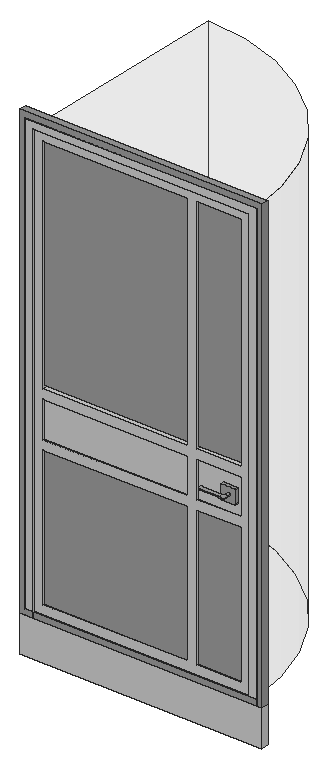
Revit family "AVLN_Дверь_Сетка", category Двери, Revit 2021
Family settings
  Основа = Стена
  Номер OmniClass = 23.30.10.00
  Заголовок OmniClass = Doors
  Всегда вертикально = Да
  При загрузке вырезать с полостями = Нет
  Общий = Нет
  Точка принадлежности помещению = Нет
Parameters (values of type "Для копирования!")
  х1 = if(Левая, (Width - 250 mm - Рама_полотно * 3 - Коробка толщина * 2 - Монтажный зазор_Верх * 2), 250 mm)  # 250 mm
  Ширина полотна [instance] = Width - Монтажный зазор_Верх * 2 - Коробка толщина * 2  # 1200 mm
  Тонкая линия проема = yes
  Толщина = 30 mm  # constant formula
  Стекло.Толщина = 15 mm
  Стекло = not([Глухая/Остекленная])  # yes
  Смещение проема [instance] = 200 mm
  Смещение внутрь = 0 mm
  С1 [instance] = if(Смещение проема = 0 mm, 1 mm, 0 mm)  # 0 mm
  Ручка смещение = 110 mm  # constant formula
  Ручка высота = 1000 mm  # constant formula
  Рама_полотно = 50 mm  # constant formula
  Рабочая зона = no
  Rough Width = Width - Монтажный зазор_Верх * 2  # 1280 mm
  Rough Height = Height - Монтажный зазор_Верх  # 2470 mm
  Правая = yes
  Порог_наружный_смещение [instance] = 50 mm
  Порог_внутренний_смещение [instance] = 50 mm
  Порог_внуренний [instance] = no
  Порог [instance] = no
  Определить тепловые свойства по = Тип схем
  Описание = "Индивидуальный дверной блок (лестница) стальной однопольный, с пониженым порогом, с уплотнителем, с доводчиком, с нажимными ручками. Без замка, с ограничителем. Ширина проема в свету не менее 900 мм. Цвет: см. Дизайн-проект."
  Окрывание 30° = yes
  Fire Rating = ""
  Монтажный зазор_Справа = 30 mm
  Монтажный зазор_Слева = 30 mm
  Монтажный зазор_Низ = 30 mm
  Монтажный зазор сверху [instance] = if(Смещение проема = 0 mm, Монтажный зазор_Верх - 1 mm, Монтажный зазор_Верх)  # 30 mm
  Монтажный зазор_Верх = 30 mm
  Матиал_Коробка = Сталь
  Материал_Сетка = Сетка
  Материал_Рабочая зона = none
  Материал_Полотно = Сталь
  Материал_Монтажный зазор = Монтажный зазор
  Материал_Дверной ручки = По умолчанию
  Левая = not(Правая)  # no
  Коробка.Профиль = 1 mm  # constant formula
  Коробка толщина = 40 mm  # constant formula
  Комментарии к типоразмеру = "Двери внутренние"
  Заполнение под проемом_Видимость [instance] = if(Смещение проема = 0 mm, 1 = 0, 1 = 1)  # yes
  Функция = Внутренние слои
  Группа модели = "Дверь"
  Глухая/Остекленная = no
  Глухая = [Глухая/Остекленная]  # no
  Height = 2500 mm
  Замыкание стены = По основе
  Width = 1340 mm
  Аналитическая конструкция = "<Нет>"
  АВЛН_Проем_Высота [instance] = if(Смещение проема = 0 mm, Height - 1 mm, Height)  # 2500 mm
  ADSK_Размер_Ширина [instance] = Width  # 1340 mm
  ADSK_Размер_Высота [instance] = Height + Смещение проема  # 2700 mm
  ADSK_Примечание [instance] = ""
  ADSK_Позиция [instance] = ""
  ADSK_Обозначение = "ГОСТ 31173-2016"
  ADSK_Наименование = "ДСВ Оп 2090-1100 Прг Л Н П2лс"
  ADSK_Масса = 0
  ADSK_Марка [instance] = "ДВ-21Л"
  ADSK_Количество [instance] = 1
  ADSK_Единица измерения [instance] = "шт."
  2 = Монтажный зазор_Верх * 2 + 100 mm  # 160 mm
Reference planes
  plane 1: y = 0
  plane 2 "По центру (Влево/Вправо)": x = 0
  plane 3 "Слева": x = -670
  plane 4 "Справа": x = 670
  plane 5: z = 2500
  plane 6 "Наружный": y = 150
  plane 7 "Внутренние": y = -150
  plane 8: z = -200
  plane 9: x = -640
  plane 10: x = 640
  plane 11: x = 600
  plane 12: x = -600
  plane 13: z = 2470
  plane 14: z = 2430
  plane 15 "Полотно_Н": y = 150
  plane 16 "Полотно_В": y = 120
  plane 17: z = -200
  plane 18: x = -490
  plane 19: x = 490
  plane 20: z = 1000
  plane 21: z = 1250
  plane 22 "Короб_В": y = 110
  plane 23: x = -599
  plane 24: x = 599
  plane 25: z = 2429
  plane 26: y = 1490
  plane 27: x = 550
  plane 28: z = 2380
  plane 29: x = -550
  plane 30: y = 135
  plane 31: y = 142.5
  plane 32: y = 127.5
  plane 33: y = 200
  plane 34: y = -200
  plane 35: z = -200
  plane 36 "Решетка_Смещение_Низ": z = 80
  plane 37 "Решетка_Смещение_Верх": z = 2172.293
  plane 38: y = 1330
  plane 39: x = 300
  plane 40: x = 250
  plane 41 "Короб_Г": z = 30
  plane 42 "Короб_Д": z = 0
Forms (mm)
  Extrusion 1, solid, material "Сталь" <- "Материал_Полотно", visible <- "Стекло", detail levels fine
    sketch origin (0, 150, 0) x (1, 0, 0) y (0, 0, 1)
      loop
        line (600, 2430) -> (-600, 2430) -> (-600, 30) -> (600, 30) -> (600, 2430)
      loop
        line (550, 2380) -> (300, 2380) -> (300, 1150) -> (550, 1150) -> (550, 2380)
      loop
        line (250, 1150) -> (250, 2380) -> (-550, 2380) -> (-550, 1150) -> (250, 1150)
      loop
        line (250, 850) -> (-550, 850) -> (-550, 80) -> (250, 80) -> (250, 850)
      loop
        line (550, 850) -> (300, 850) -> (300, 80) -> (550, 80) -> (550, 850)
      loop
        line (300, 1100) -> (300, 900) -> (550, 900) -> (550, 1100) -> (300, 1100)
      loop
        line (250, 1100) -> (-550, 1100) -> (-550, 900) -> (250, 900) -> (250, 1100)
    from 0 to 30
  Extrusion 2, solid, material "Сталь" <- "Матиал_Коробка", visible <- "Заполнение под проемом_Видимость", detail levels fine
    sketch origin (0, 150, 0) x (1, 0, 0) y (0, 0, 1)
      loop
        line (670, 0) -> (-670, 0) -> (-670, -200) -> (670, -200) -> (670, 0)
    from 0 to 40
  Extrusion 3, solid, material "Монтажный зазор" <- "Материал_Монтажный зазор"
    sketch origin (0, -150, 0) x (1, 0, 0) y (0, 0, 1)
      loop
        line (-640, 30) -> (640, 30) -> (640, 2470) -> (-640, 2470) -> (-640, 30)
      loop
        line (670, 0) -> (670, 2500) -> (-670, 2500) -> (-670, 0) -> (670, 0)
    from -300 to -260
  Sweep 4, solid, material "Сталь" <- "Матиал_Коробка"
    path origin (0, 150, 0) x (-1, 0, 0) y (0, 0, 1)
      loop
        line (600, 0) -> (600, 2430) -> (-600, 2430) -> (-600, 0)
    profile origin (-600, 150, 1215) x (0, 1, 0) y (-1, 0, 0)
      loop
        line (0, 40) -> (-40, 40) -> (-40, -1) -> (-30, -1) -> (-30, 0) -> (0, 0) -> (0, 40)
  Extrusion 5, void
    sketch origin (0, 0, 0) x (1, 0, 0) y (0, 1, 0)
      loop
        line (-670, 1490) -> (-670, 150) -> (670, 150) -> (670, 1490) -> (-670, 1490)
    from -200 to 2500
  Extrusion 6, solid, material "Сетка" <- "Материал_Сетка", visible <- "Стекло", detail levels fine
    sketch origin (0, 150, 0) x (1, 0, 0) y (0, 0, 1)
      loop
        line (550, 2380) -> (300, 2380) -> (300, 1165) -> (550, 1165) -> (550, 2380)
      loop
        line (-550, 2380) -> (-550, 1165) -> (250, 1165) -> (250, 2380) -> (-550, 2380)
      loop
        line (550, 80) -> (550, 850) -> (300, 850) -> (300, 80) -> (550, 80)
      loop
        line (250, 80) -> (250, 850) -> (-550, 850) -> (-550, 80) -> (250, 80)
    from 7.5 to 22.5
  Extrusion 7, solid, material "Сталь" <- "Материал_Полотно", visible <- "Глухая"
    sketch origin (0, 150, 0) x (1, 0, 0) y (0, 0, 1)
      loop
        line (600, 2430) -> (-600, 2430) -> (-600, 30) -> (600, 30) -> (600, 2430)
    from 0 to 30
  Extrusion 8, solid, material "Зоны открывания", visible <- "Правая"
    sketch origin (1436.722, 564.195, 0) x (1, 0, 0) y (0, 1, 0)
      loop
        line (-2036.722, -414.195) -> (-836.722, -414.195)
        arc (-836.722, -414.195) -> (-1205.944, 410.495) -> (-2036.722, 765.805) r 1240.234
        line (-2036.722, 765.805) -> (-2036.722, -414.195)
    from 0 to 2430
  Extrusion 9, solid, material "Зоны открывания", visible <- "Левая"
    sketch origin (-1436.722, 564.195, 0) x (-1, 0, 0) y (0, -1, 0)
      loop
        line (-2035.722, 414.195) -> (-2035.722, -765.805)
        arc (-2035.722, -765.805) -> (-1200.025, -415.806) -> (-836.722, 414.195) r 1218.902
        line (-836.722, 414.195) -> (-2035.722, 414.195)
    from 0 to 2430
  Extrusion 10, solid, material "Сталь" <- "Материал_Полотно", visible <- "Стекло", detail levels fine
    sketch origin (0, 150, -250) x (1, 0, 0) y (0, 0, 1)
      loop
        line (550, 1350) -> (300, 1350) -> (300, 1150) -> (550, 1150) -> (550, 1350)
      loop
        line (-550, 1350) -> (-550, 1150) -> (250, 1150) -> (250, 1350) -> (-550, 1350)
    from 7.5 to 22.5
Lines and regions (mm)
  Opening 1
    outline origin (-3050, -150, 0) x (1, 0, 0) y (0, 0, 1)
      loop
        line (2380, -200) -> (3720, -200) -> (3720, 2500) -> (2380, 2500) -> (2380, -200)
  Masking region 1, visible <- "Тонкая линия проема"
    outline origin (95.796, -283.072, 0) x (1, 0, 0) y (0, 1, 0)
      loop
        line (-739.745, 443.072) -> (-765.796, 433.072) -> (-765.796, 133.072) -> (-765.796, 123.072) -> (574.204, 123.072) -> (574.204, 133.072) -> (574.204, 433.072) -> (546.729, 443.072) -> (-739.745, 443.072)
  model lines, style "Открывание_Внутрь", visible <- "Левая"
    curve 1: line (599, 120, 2429) -> (-599, 120, 1250)
    curve 2: line (-599, 120, 1250) -> (599, 120, 0)
  model lines, style "Открывание_Внутрь", visible <- "Правая"
    curve 3: line (-599, 120, 0) -> (599, 120, 1250)
    curve 4: line (599, 120, 1250) -> (-599, 120, 2429)
  model lines, style "Открывание_Наружу", visible <- "Правая"
    curve 5: line (-600, 150, 0) -> (599, 150, 1250)
    curve 6: line (599, 150, 1250) -> (-600, 150, 2430)
  model lines, style "Открывание_Наружу", visible <- "Левая"
    curve 7: line (600, 150, 2430) -> (-599, 150, 1250)
    curve 8: line (-599, 150, 1250) -> (600, 150, 0)
  model lines, style "Рабочая зона", visible <- "Рабочая зона"
    curve 9: line (-670, 150, 0) -> (-670, 1490, 0)
    curve 10: line (-670, 1490, 0) -> (670, 1490, 0)
    curve 11: line (670, 150, 0) -> (670, 1490, 0)
  symbolic lines, style "Порог", visible <- "Порог_внуренний"
    curve 12: line (-670, -200, 0) -> (670, -200, 0)
  symbolic lines, style "Порог", visible <- "Порог"
    curve 13: line (-670, 200, 0) -> (670, 200, 0)
Text (mm)
  text "Наружный" at (-2295.016, 1099.543, 0), in view "Опорный уровень"
  text "Наружный" at (0, 1615.38, 3698.081), in view "Слева"
  text "Наружный" at (0, 1036.032, 3874.932), in view "Справа"
Dimensions and locks
  equal spacing: plane 3 "Слева", plane 2 "По центру (Влево/Вправо)", plane 4 "Справа"
  "Width": plane 3 "Слева" to plane 4 "Справа"
  plane 41 "Короб_Г" to Sweep 4 = 2440 mm
  host wall to plane 5 = 2964.966 mm
  locked: plane 6 "Наружный" to host wall
  locked: plane 7 "Внутренние" to host wall
  plane 8 to level = 200 mm
  "АВЛН_Проем_Высота": level to plane 5
  "Монтажный зазор_Слева": plane 3 "Слева" to plane 9
  "Монтажный зазор_Справа": plane 10 to plane 4 "Справа"
  "Смещение внутрь": plane 15 "Полотно_Н" to plane 6 "Наружный"
  "Толщина": plane 15 "Полотно_Н" to plane 16 "Полотно_В"
  "Смещение проема": level to plane 17
  "Монтажный зазор сверху": plane 13 to plane 5
  "Коробка толщина": plane 14 to plane 13
  "Коробка толщина": plane 12 to plane 9
  "Коробка толщина": plane 11 to plane 10
  "Смещение проема": level to plane 8
  "Ручка высота": level to plane 20
  "Ручка смещение": plane 12 to plane 18
  "Ручка смещение": plane 19 to plane 11
  equal spacing: level, plane 21, plane 5
  equal spacing: plane 7 "Внутренние", plane 1, plane 6 "Наружный"
  "Коробка толщина": plane 15 "Полотно_Н" to plane 22 "Короб_В"
  "Коробка.Профиль": plane 12 to plane 23
  "Коробка.Профиль": plane 24 to plane 11
  "Коробка.Профиль": plane 14 to plane 25
  "Width": plane 26 to plane 15 "Полотно_Н"
  equal spacing: plane 15 "Полотно_Н", plane 30, plane 16 "Полотно_В"
  equal spacing: plane 32, plane 30, plane 31
  "Стекло.Толщина": plane 32 to plane 31
  "Порог_наружный_смещение": plane 6 "Наружный" to plane 33
  "Порог_внутренний_смещение": plane 34 to plane 7 "Внутренние"
  "С1": plane 8 to plane 35
  "Рама_полотно": plane 36 "Решетка_Смещение_Низ" to plane 41 "Короб_Г"
  "2": plane 26 to plane 38
  level to plane 14 = 2430 mm
  "Рама_полотно": plane 28 to plane 14
  "Рама_полотно": plane 27 to plane 11
  "Рама_полотно": plane 29 to plane 12
  "Рама_полотно": plane 40 to plane 39
  "х1": plane 39 to plane 27
  plane 29 to plane 40 = 800 mm
  plane 12 to plane 11 = 1200 mm
  Extrusion 1 to Extrusion 1 = 1100 mm
  plane 9 to plane 3 "Слева" = 30 mm
  plane 4 "Справа" to plane 10 = 30 mm
  "Монтажный зазор_Низ": plane 41 "Короб_Г" to Extrusion 3 sketch curve
  aligned and locked: plane 3 "Слева" to Opening 1 sketch curve
  aligned and locked: Opening 1 sketch curve to plane 4 "Справа"
  aligned and locked: plane 1 to host wall
  aligned and locked: Extrusion 1 to plane 16 "Полотно_В"
  aligned and locked: plane 15 "Полотно_Н" to Extrusion 1
  aligned and locked: level to Extrusion 2 sketch curve
  aligned and locked: Extrusion 2 sketch curve to plane 4 "Справа"
  aligned and locked: Extrusion 2 sketch curve to host wall
  aligned and locked: nested 1 to plane 16 "Полотно_В"
  aligned and locked: nested 2 to plane 15 "Полотно_Н"
  aligned and locked: plane 15 "Полотно_Н" to nested 4
  aligned and locked: plane 16 "Полотно_В" to nested 3
  aligned and locked: plane 5 to Opening 1 sketch curve
  aligned and locked: plane 14 to Extrusion 1 sketch curve
  aligned and locked: Extrusion 3 sketch curve to plane 4 "Справа"
  aligned and locked: Extrusion 3 sketch curve to plane 10
  aligned and locked: Extrusion 3 sketch curve to plane 5
  aligned and locked: Extrusion 3 sketch curve to plane 13
  aligned and locked: plane 3 "Слева" to Extrusion 3 sketch curve
  aligned and locked: plane 9 to Extrusion 3 sketch curve
  aligned and locked: nested 2 to plane 20
  aligned and locked: plane 20 to nested 4
  aligned and locked: plane 20 to nested 1
  aligned and locked: nested 3 to plane 20
  aligned and locked: plane 19 to nested 4
  aligned and locked: plane 18 to nested 2
  aligned and locked: nested 3 to plane 19
  aligned and locked: nested 1 to plane 18
  aligned and locked: nested 5 to plane 4 "Справа"
  aligned and locked: nested 5 to plane 3 "Слева"
  aligned and locked: nested 5 to plane 15 "Полотно_Н"
  aligned and locked: nested 6 to plane 3 "Слева"
  aligned and locked: nested 6 to plane 4 "Справа"
  aligned and locked: plane 15 "Полотно_Н" to nested 6
  aligned and locked: Extrusion 3 to plane 22 "Короб_В"
  aligned and locked: plane 15 "Полотно_Н" to Extrusion 3
  aligned and locked: plane 11 to Sweep 4 sketch curve
  aligned and locked: plane 14 to Sweep 4 sketch curve
  aligned and locked: plane 12 to Sweep 4 sketch curve  (x2)
  aligned and locked: plane 15 "Полотно_Н" to Sweep 4 sketch curve
  aligned and locked: plane 9 to Sweep 4 sketch curve
  aligned and locked: plane 23 to Sweep 4 sketch curve
  aligned and locked: plane 22 "Короб_В" to Sweep 4 sketch curve
  aligned and locked: plane 16 "Полотно_В" to Sweep 4 sketch curve
  aligned and locked: level to Sweep 4 sketch curve  (x2)
  aligned and locked: plane 23 to curve 4
  aligned and locked: plane 25 to curve 4
  aligned and locked: plane 25 to curve 1
  aligned and locked: plane 24 to curve 1
  aligned and locked: plane 23 to curve 1
  aligned and locked: plane 21 to curve 2
  aligned and locked: plane 24 to curve 4
  aligned and locked: plane 21 to curve 3
  aligned and locked: Sweep 4 to curve 3
  aligned and locked: level to curve 3
  aligned and locked: Sweep 4 to curve 2
  aligned and locked: level to curve 2
  aligned and locked: curve 9 to plane 3 "Слева"
  aligned and locked: curve 10 to plane 26
  aligned and locked: curve 11 to plane 4 "Справа"
  aligned and locked: plane 15 "Полотно_Н" to curve 9
  aligned and locked: plane 15 "Полотно_Н" to curve 11
  aligned and locked: Extrusion 5 sketch curve to plane 26
  aligned and locked: Extrusion 5 sketch curve to plane 3 "Слева"
  aligned and locked: Extrusion 5 sketch curve to plane 15 "Полотно_Н"
  aligned and locked: Extrusion 5 sketch curve to plane 4 "Справа"
  aligned and locked: Extrusion 5 to plane 5
  aligned and locked: plane 32 to Extrusion 6
  aligned and locked: plane 31 to Extrusion 6
  aligned and locked: plane 11 to Extrusion 7 sketch curve
  aligned and locked: plane 14 to Extrusion 7 sketch curve
  aligned and locked: plane 12 to Extrusion 7 sketch curve
  aligned and locked: plane 15 "Полотно_Н" to Extrusion 7
  aligned and locked: Extrusion 7 to plane 16 "Полотно_В"
  aligned and locked: curve 6 to curve 4
  aligned and locked: curve 8 to curve 2
  aligned and locked: Masking region 1 sketch curve to curve 9
  aligned and locked: Extrusion 1 to Masking region 1 sketch curve
  aligned and locked: plane 6 "Наружный" to Masking region 1 sketch curve
  aligned and locked: host wall to Masking region 1 sketch curve  (x2)
  aligned and locked: plane 3 "Слева" to Masking region 1
  aligned and locked: Masking region 1 to plane 4 "Справа"
  aligned and locked: plane 3 "Слева" to curve 13
  aligned and locked: plane 4 "Справа" to curve 13
  aligned and locked: curve 13 to plane 33
  aligned and locked: curve 12 to plane 34
  aligned and locked: Extrusion 2 to plane 35
  aligned and locked: Extrusion 5 to plane 8
  aligned and locked: Opening 1 sketch curve to plane 35
  aligned and locked: Extrusion 8 sketch curve to plane 12
  aligned and locked: plane 6 "Наружный" to Extrusion 8 sketch curve
  aligned and locked: plane 11 to Extrusion 8 sketch curve
  aligned and locked: plane 38 to Extrusion 8 sketch curve
  aligned and locked: Extrusion 8 to level
  aligned and locked: plane 14 to Extrusion 8
  aligned and locked: Extrusion 9 sketch curve to plane 24
  aligned and locked: Extrusion 2 to Extrusion 9 sketch curve
  aligned and locked: plane 12 to Extrusion 9 sketch curve
  aligned and locked: plane 38 to Extrusion 9 sketch curve
  aligned and locked: Extrusion 9 to Extrusion 8
  aligned and locked: Extrusion 9 to level
  aligned and locked: Extrusion 1 sketch curve to plane 28
  aligned and locked: plane 28 to Extrusion 1 sketch curve
  aligned and locked: Extrusion 1 sketch curve to plane 29  (x2)
  aligned and locked: plane 29 to Extrusion 1 sketch curve
  aligned and locked: Extrusion 1 sketch curve to plane 27  (x2)
  aligned and locked: plane 36 "Решетка_Смещение_Низ" to Extrusion 1 sketch curve  (x2)
  aligned and locked: Extrusion 6 sketch curve to plane 28  (x2)
  aligned and locked: Extrusion 6 sketch curve to plane 36 "Решетка_Смещение_Низ"  (x2)
  aligned and locked: plane 27 to Extrusion 6 sketch curve
  aligned and locked: Extrusion 6 sketch curve to plane 27
  aligned and locked: plane 29 to Extrusion 6 sketch curve  (x2)
  aligned and locked: plane 27 to Extrusion 1 sketch curve
  aligned and locked: Extrusion 1 sketch curve to plane 40  (x3)
  aligned and locked: Extrusion 1 sketch curve to plane 39  (x2)
  aligned and locked: plane 39 to Extrusion 1 sketch curve
  aligned and locked: plane 40 to Extrusion 6 sketch curve
  aligned and locked: Extrusion 6 sketch curve to plane 40
  aligned and locked: plane 27 to Extrusion 10 sketch curve
  aligned and locked: plane 39 to Extrusion 10 sketch curve
  aligned and locked: plane 40 to Extrusion 10 sketch curve
  aligned and locked: plane 29 to Extrusion 10 sketch curve
  aligned and locked: plane 39 to Extrusion 6 sketch curve
  aligned and locked: Extrusion 6 sketch curve to plane 39
  aligned and locked: Extrusion 6 to Extrusion 10
  aligned and locked: plane 31 to Extrusion 10
  aligned and locked: plane 32 to Extrusion 10
  aligned and locked: plane 41 "Короб_Г" to Extrusion 3 sketch curve
  aligned and locked: plane 41 "Короб_Г" to Extrusion 7 sketch curve
  aligned and locked: Extrusion 1 to plane 41 "Короб_Г"
Automatic sketch dimensions
  plane 12 to Extrusion 1 sketch curve = 0 mm
  level to Extrusion 1 sketch curve = 30 mm
  plane 11 to Extrusion 1 sketch curve = 0 mm
  Extrusion 1 sketch curve to plane 20 = 150 mm  (x2)
  Extrusion 1 sketch curve to Extrusion 1 sketch curve = 50 mm  (x3)
  Extrusion 1 sketch curve to Extrusion 1 sketch curve = 0 mm  (x2)
  Extrusion 2 sketch curve to plane 8 = 0 mm
  curve 12 to plane 3 "Слева" = 0 mm
  curve 12 to plane 4 "Справа" = 0 mm
  plane 11 to curve 7 = 0 mm
  curve 8 to level = 0 mm
  plane 11 to curve 8 = 0 mm
  curve 6 to plane 21 = 0 mm
  curve 7 to plane 21 = 0 mm
  plane 12 to curve 6 = 0 mm
  curve 5 to level = 0 mm
  plane 12 to curve 5 = 0 mm
  curve 7 to plane 14 = 0 mm
  curve 6 to plane 14 = 0 mm
  Extrusion 6 sketch curve to plane 20 = 150 mm
  Extrusion 6 sketch curve to Extrusion 6 sketch curve = 0 mm  (x2)
  Masking region 1 sketch curve to plane 4 "Справа" = 0 mm
  Masking region 1 sketch curve to plane 9 = 3.949 mm
  plane 10 to Masking region 1 sketch curve = 2.525 mm
  host wall to Masking region 1 sketch curve = 10 mm  (x2)
  plane 9 to Extrusion 8 sketch curve = 1.2 mm
  plane 22 "Короб_В" to Extrusion 9 sketch curve = 1.25 mm
  Extrusion 10 sketch curve to plane 20 = 100 mm
  Extrusion 10 sketch curve to Extrusion 10 sketch curve = 0 mm  (x2)
  Extrusion 10 sketch curve to plane 37 "Решетка_Смещение_Верх" = 1072.293 mm
  plane 20 to Extrusion 1 sketch curve = 100 mm
  Extrusion 6 sketch curve to plane 21 = 85 mm
Nested families
  nested 1: "Дв_Дверная ручка_Квадрат" at (-490, 120, -40), visible <- "Левая", type "Дв_Дверная ручка_Квадрат", detail levels fine
  nested 2: "Дв_Дверная ручка_Квадрат" at (-490, 150, -40), visible <- "Левая", type "Дв_Дверная ручка_Квадрат", detail levels fine
  nested 3: "Дв_Дверная ручка_Квадрат" at (490, 120, -40) x (-1, 0, 0) z (0, 0, 1), visible <- "Правая", type "Дв_Дверная ручка_Квадрат", detail levels fine
  nested 4: "Дв_Дверная ручка_Квадрат" at (490, 150, -40) x (-1, 0, 0) z (0, 0, 1), visible <- "Правая", type "Дв_Дверная ручка_Квадрат", detail levels fine
  nested 5: "АС-Однопольная-Обозначение на плане" at (0, 150, -200), Width <- "Width", Толщина <- "Толщина", Коробка.Толщина <- "Коробка толщина", Height <- "Rough Height", Полотно.Ширина <- "Ширина полотна", Rough Width <- "Rough Width", visible <- "Левая", Коробка.Ширина <- "Коробка.Профиль", type "АС-Стандарт"
    with Width 1340 mm, Толщина 30 mm, Rough Width 1280 mm, Полотно.Ширина 1200 mm, Коробка.Ширина 1 mm, Коробка.Толщина 40 mm, Height 2470 mm
  nested 6: "АС-Однопольная-Обозначение на плане" at (0, 150, -200) x (-1, 0, 0) z (0, 0, 1), Width <- "Width", Толщина <- "Толщина", Коробка.Толщина <- "Коробка толщина", Height <- "Rough Height", Полотно.Ширина <- "Ширина полотна", Rough Width <- "Rough Width", visible <- "Правая", Коробка.Ширина <- "Коробка.Профиль", type "АС-Стандарт"
    with Width 1340 mm, Толщина 30 mm, Rough Width 1280 mm, Полотно.Ширина 1200 mm, Коробка.Ширина 1 mm, Коробка.Толщина 40 mm, Height 2470 mm
Definition of nested family "Дв_Дверная ручка_Квадрат"
  Parameters (values of type "Дв_Дверная ручка_Квадрат")
    Define Thermal Properties by = 1
    Материал дверной ручки = none
    Высота расположения дверной ручки [instance] = 1040 mm
    Analytic Construction = "<Нет>"
  Reference planes
    plane 1 "По центру (Вперед/Назад)": y = 0
    plane 2: z = 0
    plane 3 "По центру (Влево/Вправо)": x = 0
    plane 4: z = 1040
    plane 5: x = -41.434
    plane 6: x = 41.434
    plane 7: z = 1080
    plane 8: z = 1000
    plane 9: y = -15
  Forms (mm)
    Extrusion 1, solid, material <- "Материал дверной ручки"
      sketch origin (0, 0, 0) x (1, 0, 0) y (0, 0, 1)
        loop
          arc (-36.434, 1080) -> (-39.969, 1078.536) -> (-41.434, 1075) r 5
          line (-41.434, 1075) -> (-41.434, 1005)
          arc (-41.434, 1005) -> (-39.969, 1001.464) -> (-36.434, 1000) r 5
          line (-36.434, 1000) -> (36.434, 1000)
          arc (36.434, 1000) -> (39.969, 1001.464) -> (41.434, 1005) r 5
          line (41.434, 1005) -> (41.434, 1075)
          arc (41.434, 1075) -> (39.969, 1078.536) -> (36.434, 1080) r 5
          line (36.434, 1080) -> (-36.434, 1080)
      from 0 to 15
    Sweep 2, solid, material <- "Материал дверной ручки"
      path origin (0, 0, 0) x (1, 0, 0) y (0, 1, 0)
        loop
          line (0, -15) -> (0, -38.261)
          arc (0, -38.261) -> (2.929, -45.332) -> (10, -48.261) r 10
          line (10, -48.261) -> (130, -48.261)
      profile origin (0, -26.63, 0) x (1, 0, 0) y (0, 0, 1)
        loop
          circle (0, 1040) r 8
  Dimensions and locks
    "Высота расположения дверной ручки": plane 4 to level
    plane 7 to plane 8 = 80 mm
    plane 6 to plane 5 = 82.868 mm
    equal spacing: plane 6, plane 3 "По центру (Влево/Вправо)", plane 5
    locked: plane 1 "По центру (Вперед/Назад)" to plane 9 at 15
    aligned and locked: level to plane 2
    aligned and locked: Extrusion 1 sketch curve to plane 7
    aligned and locked: plane 5 to Extrusion 1 sketch curve
    aligned and locked: plane 8 to Extrusion 1 sketch curve
    aligned and locked: Extrusion 1 sketch curve to plane 6
    aligned and locked: Extrusion 1 to plane 1 "По центру (Вперед/Назад)"
    aligned and locked: plane 4 to Sweep 2
  Automatic sketch dimensions
    Sweep 2 sketch curve to plane 3 "По центру (Влево/Вправо)" = 0 mm
    plane 9 to Sweep 2 sketch curve = 0 mm
    Sweep 2 sketch curve to Sweep 2 sketch curve = 10 mm
    Sweep 2 sketch curve to Sweep 2 sketch curve = 23.261 mm
    Sweep 2 sketch curve to Sweep 2 sketch curve = 120 mm
    profile plane to Sweep 2 sketch curve = 0 mm
    level to Sweep 2 sketch curve = 1040 mm
    Extrusion 1 sketch curve to Extrusion 1 sketch curve = 5 mm  (x3)
    plane 5 to Extrusion 1 sketch curve = 5 mm
    radius of Sweep 2 sketch curve = 8 mm
Definition of nested family "АС-Однопольная-Обозначение на плане"
  Parameters (values of type "АС-Стандарт")
    Полотно.Ширина [instance] = 900 mm
    Открывание двери 90 = not(Открывание двери 30)  # no
    Открывание двери 30 = yes
    Линия открывания (дуга) = not(Открывание двери 30)  # no
    Коробка.Ширина [instance] = 40 mm
    Коробка.Толщина [instance] = 80 mm
    Width [instance] = 1000 mm
    Thickness [instance] = 40 mm
    Rough Width [instance] = 960 mm
    Height [instance] = 2100 mm
    Default Elevation = 0 mm
    Analytic Construction = "<Нет>"
  Reference planes
    plane 1 "Center (Front/Back)": y = 0
    plane 2: z = 0
    plane 3 "Center (Left/Right)": x = 0
    plane 4 "Полотно.Слева": x = -480
    plane 5 "Полотно справа": x = 480
    plane 6 "Проем.Слева": x = -500
    plane 7 "Проем.Справа": x = 500
    plane 8 "Полотно. Внутренняя сторона": y = -40
    plane 9 "Коробка. Внутренняя сторона": y = -80
    plane 10 "Коробка.Внутренняя сторона слева": x = -450
    plane 11 "Коробка. Внутренняя сторона справа": x = 450
    plane 12 "2": x = -410
    plane 13 "3": x = 410
  Lines and regions (mm)
    Masking region 1, detail levels fine
      outline origin (0, 0, 0) x (1, 0, 0) y (0, 1, 0)
        loop
          line (-500, -80) -> (-480, -80) -> (-480, 0) -> (-500, 0) -> (-500, -80)
    Masking region 2, detail levels fine
      outline origin (0, 0, 0) x (1, 0, 0) y (0, 1, 0)
        loop
          line (500, -80) -> (500, 0) -> (480, 0) -> (480, -80) -> (500, -80)
    Masking region 3, detail levels fine
      outline origin (0, 0, 0) x (1, 0, 0) y (0, 1, 0)
        loop
          line (-480, 0) -> (-480, -80) -> (-410, -80) -> (-410, -40) -> (-450, -40) -> (-450, 0) -> (-480, 0)
    Masking region 4, detail levels fine
      outline origin (0, 0, 0) x (1, 0, 0) y (0, 1, 0)
        loop
          line (480, 0) -> (450, 0) -> (450, -40) -> (410, -40) -> (410, -80) -> (480, -80) -> (480, 0)
    Masking region 5, visible <- "Открывание двери 90", detail levels fine
      outline origin (0, 0, 0) x (1, 0, 0) y (0, 1, 0)
        loop
          line (450, 0) -> (450, 900) -> (410, 900) -> (410, 0) -> (450, 0)
    Masking region 6, visible <- "Открывание двери 30", detail levels fine
      outline origin (0, 0, 0) x (1, 0, 0) y (0, 1, 0)
        loop
          line (450, 0) -> (-329.423, 450) -> (-349.423, 415.359) -> (430, -34.641) -> (450, 0)
    symbolic lines, visible <- "Открывание двери 30", detail levels coarse+medium
      curve 1: line (500, 0, 0) -> (-366.025, 500, 0)
    symbolic lines, visible <- "Открывание двери 90", detail levels coarse+medium
      curve 2: line (500, 0, 0) -> (500, 1000, 0)
    symbolic lines, visible <- "Линия открывания (дуга)", detail levels coarse+medium
      curve 3: arc (500, 1000, 0) -> (-207.107, 707.107, 0) -> (-500, 0, 0) r 1000
    symbolic lines, visible <- "Линия открывания (дуга)", detail levels fine
      curve 4: arc (-450, 0, 0) -> (-186.396, 636.396, 0) -> (450, 900, 0) r 900
    model lines, not visible
      curve 5: line (0, 0, 0) -> (0, 0, 2100)
  Dimensions and locks
    "Thickness": plane 1 "Center (Front/Back)" to plane 8 "Полотно. Внутренняя сторона"  (x2)
    equal spacing: plane 4 "Полотно.Слева", plane 3 "Center (Left/Right)", plane 5 "Полотно справа"
    equal spacing: plane 6 "Проем.Слева", plane 3 "Center (Left/Right)", plane 7 "Проем.Справа"
    "Width": plane 6 "Проем.Слева" to plane 7 "Проем.Справа"
    "Rough Width": plane 4 "Полотно.Слева" to plane 5 "Полотно справа"
    plane 1 "Center (Front/Back)" to plane 9 "Коробка. Внутренняя сторона" = 80 mm
    "Коробка.Толщина": plane 9 "Коробка. Внутренняя сторона" to plane 1 "Center (Front/Back)"
    equal spacing: plane 10 "Коробка.Внутренняя сторона слева", plane 3 "Center (Left/Right)", plane 11 "Коробка. Внутренняя сторона справа"
    "Полотно.Ширина": plane 10 "Коробка.Внутренняя сторона слева" to plane 11 "Коробка. Внутренняя сторона справа"
    "Width": curve 1 to curve 1
    "Width": plane 1 "Center (Front/Back)" to curve 2
    "Коробка.Ширина": plane 10 "Коробка.Внутренняя сторона слева" to Masking region 3 sketch curve
    "Коробка.Ширина": Masking region 4 sketch curve to Masking region 4 sketch curve
    "Полотно.Ширина": plane 1 "Center (Front/Back)" to Masking region 5 sketch curve
    "Thickness": Masking region 5 sketch curve to plane 11 "Коробка. Внутренняя сторона справа"
    "Полотно.Ширина": Masking region 6 sketch curve to Masking region 6 sketch curve
    "Thickness": Masking region 6 sketch curve to Masking region 6 sketch curve
    "Height": curve 5 to level
    "Thickness": Masking region 5 to plane 11 "Коробка. Внутренняя сторона справа"
    "Thickness": Masking region 6 to Masking region 6
    "Коробка.Ширина": plane 10 "Коробка.Внутренняя сторона слева" to plane 12 "2"
    "Коробка.Ширина": plane 13 "3" to plane 11 "Коробка. Внутренняя сторона справа"
    "Width": radius of curve 3
    "Полотно.Ширина": radius of curve 4
    locked: curve 1 to plane 1 "Center (Front/Back)" (angle 30.00°)
    locked: Masking region 6 sketch curve to plane 1 "Center (Front/Back)" (angle 30.00°)
    aligned and locked: level to plane 2
    aligned and locked: plane 7 "Проем.Справа" to curve 2
    aligned and locked: plane 1 "Center (Front/Back)" to curve 2
    aligned and locked: Masking region 1 sketch curve to plane 9 "Коробка. Внутренняя сторона"
    aligned and locked: plane 6 "Проем.Слева" to Masking region 1 sketch curve
    aligned and locked: Masking region 1 sketch curve to plane 1 "Center (Front/Back)"
    aligned and locked: plane 4 "Полотно.Слева" to Masking region 1 sketch curve
    aligned and locked: plane 9 "Коробка. Внутренняя сторона" to Masking region 2 sketch curve
    aligned and locked: Masking region 2 sketch curve to plane 7 "Проем.Справа"
    aligned and locked: plane 1 "Center (Front/Back)" to Masking region 2 sketch curve
    aligned and locked: plane 5 "Полотно справа" to Masking region 2 sketch curve
    aligned and locked: Masking region 3 sketch curve to plane 4 "Полотно.Слева"
    aligned and locked: Masking region 3 sketch curve to plane 10 "Коробка.Внутренняя сторона слева"
    aligned and locked: Masking region 3 sketch curve to plane 1 "Center (Front/Back)"
    aligned and locked: Masking region 3 sketch curve to plane 9 "Коробка. Внутренняя сторона"
    aligned and locked: Masking region 3 sketch curve to plane 8 "Полотно. Внутренняя сторона"
    aligned and locked: Masking region 4 sketch curve to plane 5 "Полотно справа"
    aligned and locked: Masking region 4 sketch curve to plane 11 "Коробка. Внутренняя сторона справа"
    aligned and locked: Masking region 4 sketch curve to plane 9 "Коробка. Внутренняя сторона"
    aligned and locked: Masking region 4 sketch curve to plane 8 "Полотно. Внутренняя сторона"
    aligned and locked: Masking region 4 sketch curve to plane 1 "Center (Front/Back)"
    aligned and locked: curve 4 to Masking region 3
    aligned and locked: plane 11 "Коробка. Внутренняя сторона справа" to curve 4
    aligned and locked: Masking region 4 to Masking region 5 sketch curve
    aligned and locked: Masking region 5 sketch curve to Masking region 4
    aligned and locked: plane 11 "Коробка. Внутренняя сторона справа" to Masking region 6 sketch curve
    aligned and locked: plane 2 to curve 5
    aligned and locked: plane 3 "Center (Left/Right)" to curve 5
    aligned and locked: plane 11 "Коробка. Внутренняя сторона справа" to Masking region 5
    aligned and locked: plane 1 "Center (Front/Back)" to Masking region 5
  Automatic sketch dimensions
    plane 1 "Center (Front/Back)" to Masking region 6 sketch curve = 0 mm
